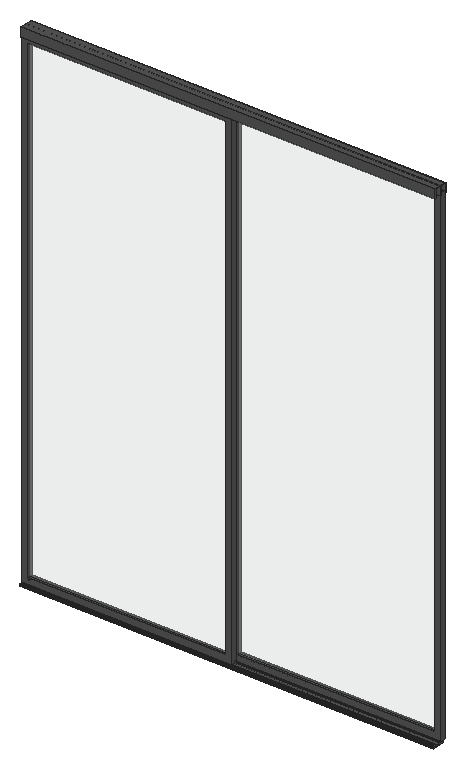
Revit family "Door_FTS CD_The Sliding Door Company_2-Panel Double Track (Regular)", category Doors, host Wall, Revit 2019
Family settings
  Host = Wall
  OmniClass Number = 23.30.10.00
  OmniClass Title = Doors
  Always vertical = Yes
  Cut with Voids When Loaded = No
  Shared = No
  Room Calculation Point = No
Parameters (values of type "FTS Closet Divider - 2 Panel 2 Track (Regular) - AB/BA")
  Upper Track Material [instance] = TSDC - Casing/Upper Track - Powder Coated Black
  URL = "https://www.slidingdoorco.com"
  Thickness = 1 1/4"  # constant formula
  Stile/Rail = 1 1/2"
  Rough Width = Finished Opening Width + 5/8" * 2  # 102 1/4"
  Rough Height = Finished Opening Height + 5/8"  # 122 5/8"
  Panel Width 3" Frame = Width / 2 + 1 1/2"  # 52"
  Panel Width 1 1/2" Frame = Width / 2 + 3/4"  # 51 1/4"
  Panel Height = Height - 2 1/4"  # 119 3/4"
  Open [instance] = no
  Model = "FTS Closet Divider - Full Height System"  # constant formula
  Manufacturer = "The Sliding Door Company"  # constant formula
  Limitations = "Panel Width x System Height cannot exceed 7,400 square inches"  # constant formula
  Glass Thickness = "Available in: 5mm Tempered, 7mm,10mm,11mm Laminated Glass"  # constant formula
  Glass Material [instance] = TSDC - Glass - Clear
  Function = Interior
  Height = if(Finished Opening Height > 122", 122", Finished Opening Height)  # 122"
  Wall Closure = By host
  Width = if(Finished Opening Width > 101", 101", Finished Opening Width)  # 101"
  Fire Rating = "N/A"  # constant formula
  Finished Opening Width = 101"
  Finished Opening Height = 122"
  Door Casing Material [instance] = TSDC - Casing/Upper Track - Powder Coated Black
  Description = "2 Panel System with Double Track (Regular)"  # constant formula
  Contact The Sliding Door Company = "https://www.slidingdoorco.com/contact"
  Construction Type = "Top Mounted, Regular Bottom Track"  # constant formula
  Configuration = "AB/BA Configuration"  # constant formula
  Closed [instance] = not(Open)  # yes
  Bottom Track Material [instance] = TSDC - Bottom Track - Powder Coated Black
  Analytic Construction = "<None>"
  3" Frame (No Support Dividers) = "Max. H=122 in., Max. W=101 in. (52 in. panel width)"  # constant formula
  1 1/2" Frame (No Support Dividers) = "Max. H=108 in., Max. W=97 in. (50 in. panel width)"  # constant formula
Reference planes (in)
  plane 1 "Center (Front/Back)": y = 0
  plane 2 "Center (Left/Right)": x = 0
  plane 3 "Top": z = 122
  plane 4 "Exterior": y = 6
  plane 5 "Interior": y = -6
  plane 6: x = -50.5
  plane 7: x = 50.5
  plane 8: z = 0.625
  plane 9 "2": z = 120.375
  plane 10 "3": z = 121.25
  plane 11: y = -0.67851
  plane 12 "Top": z = 96
  plane 13 "2": z = 94.375
  plane 14 "3": z = 95.25
  plane 15 "Top": z = 96
  plane 16 "2": z = 94.375
  plane 17 "3": z = 95.25
  plane 18 "Top": z = 80
  plane 19: x = -50
  plane 20: x = 50
  plane 21 "2": z = 78.375
  plane 22 "3": z = 79.25
  plane 23: x = -1.5
  plane 24: x = 1.5
Forms (in)
  Extrusion 1, solid, material "TSDC - Casing/Upper Track - Powder Coated Black" <- "Upper Track Material"
    sketch origin (0, 1.25781, 0) x (0, 1, 0) y (0, 0, 1)
      loop
        line (4.74219, 122) -> (1.56641, 122) -> (1.56641, 119.875) -> (1.625, 119.875) -> (1.625, 121.94141) -> (3.125, 121.94141) -> (3.125, 119.875) -> (3.18359, 119.875) -> (3.18359, 121.94141) -> (4.68359, 121.94141) -> (4.68359, 119.875) -> (4.74219, 119.875) -> (4.74219, 122)
    from -50.5 to 50.5
  Extrusion 2, solid, material "TSDC - Casing/Upper Track - Powder Coated Black" <- "Door Casing Material", visible <- "Closed"
    sketch origin (47.66587, 2.81641, 0) x (1, 0, 0) y (0, 0, 1)
      loop
        line (2.83413, 120.375) -> (-48.41587, 120.375) -> (-48.41587, 0.625) -> (2.83413, 0.625) -> (2.83413, 120.375)
      loop
        line (1.33413, 118.875) -> (-46.91587, 118.875) -> (-46.91587, 2.125) -> (1.33413, 2.125) -> (1.33413, 118.875)
    from -3 to -1.75
  Extrusion 3, solid, material "TSDC - Glass - Clear" <- "Glass Material", visible <- "Closed"
    sketch origin (47.66587, 2.31641, 0) x (1, 0, 0) y (0, 0, 1)
      loop
        line (1.33413, 118.875) -> (-46.91587, 118.875) -> (-46.91587, 2.125) -> (1.33413, 2.125) -> (1.33413, 118.875)
    from -3 to -2.75
  Extrusion 4, solid, material "TSDC - Casing/Upper Track - Powder Coated Black", not visible
    sketch origin (0, 0.8784, 0.00198) x (0, 1, 0) y (0, 0, 1)
      loop
        line (1.17662, -0.00198) -> (1.7466, -0.00198) -> (1.7466, 0.11422) -> (1.63872, 0.16601) -> (1.5898, 0.16) -> (1.58595, 0.19134) -> (1.49638, 0.23434) -> (1.44746, 0.22833) -> (1.44362, 0.25967) -> (1.35493, 0.30224) -> (1.30601, 0.29623) -> (1.30216, 0.32757) -> (1.21825, 0.36785)
        arc (1.21825, 0.36785) -> (1.19583, 0.37043) -> (1.17662, 0.35859) r 0.03449
        line (1.17662, 0.35859) -> (1.17662, 0.26961) -> (1.14379, 0.26961) -> (1.14379, 0.30227) -> (1.11271, 0.30227) -> (1.11271, 0.05752) -> (1.14379, 0.05752) -> (1.14379, 0.08934) -> (1.17662, 0.08934) -> (1.17662, -0.00198)
      loop
        line (1.6966, 0.05) -> (1.6966, 0.08276) -> (1.2346, 0.30454) -> (1.2346, 0.05) -> (1.6966, 0.05)
    from -50 to 50
  Extrusion 5, solid, material "TSDC - Casing/Upper Track - Powder Coated Black", not visible
    sketch origin (0, 0.8784, 0.00198) x (0, 1, 0) y (0, 0, 1)
      loop
        arc (1.17662, 0.34104) -> (1.17081, 0.35508) -> (1.15677, 0.36093) r 0.01985
        line (1.15677, 0.36093) -> (1.07541, 0.36093)
        arc (1.07541, 0.36093) -> (1.06136, 0.3551) -> (1.05556, 0.34103) r 0.01985
        line (1.05556, 0.34103) -> (1.05556, 0.20299) -> (0.9831, 0.20299) -> (0.9831, 0.28602)
        arc (0.9831, 0.28602) -> (0.87384, 0.39506) -> (0.76472, 0.28588) r 0.10919
        line (0.76472, 0.28588) -> (0.82428, 0.28588)
        arc (0.82428, 0.28588) -> (0.87397, 0.3355) -> (0.92354, 0.28575) r 0.04963
        line (0.92354, 0.28575) -> (0.92354, 0.14753) -> (1.05556, 0.10767) -> (1.05556, 0.05757) -> (0.38753, 0.05757) -> (0.38753, 0.36093) -> (-0.56932, 0.36093) -> (-0.56932, 0.20299) -> (-0.64178, 0.20299) -> (-0.64178, 0.28602)
        arc (-0.64178, 0.28602) -> (-0.75104, 0.39506) -> (-0.86016, 0.28588) r 0.10919
        line (-0.86016, 0.28588) -> (-0.8006, 0.28588)
        arc (-0.8006, 0.28588) -> (-0.75091, 0.3355) -> (-0.70134, 0.28575) r 0.04963
        line (-0.70134, 0.28575) -> (-0.70134, 0.14753) -> (-0.56932, 0.10767) -> (-0.56932, 0.05757) -> (-1.23735, 0.05757) -> (-1.23735, 0.36093) -> (-2.19421, 0.36093) -> (-2.19421, 0.20299) -> (-2.26667, 0.20299) -> (-2.26667, 0.28602)
        arc (-2.26667, 0.28602) -> (-2.37592, 0.39506) -> (-2.48504, 0.28588) r 0.10919
        line (-2.48504, 0.28588) -> (-2.42548, 0.28588)
        arc (-2.42548, 0.28588) -> (-2.37579, 0.3355) -> (-2.32622, 0.28575) r 0.04963
        line (-2.32622, 0.28575) -> (-2.32622, 0.14753) -> (-2.19421, 0.10767) -> (-2.19421, 0.05757) -> (-2.86223, 0.05757) -> (-2.86223, 0.34103)
        arc (-2.86223, 0.34103) -> (-2.86803, 0.3551) -> (-2.88208, 0.36093) r 0.01985
        line (-2.88208, 0.36093) -> (-2.96344, 0.36093)
        arc (-2.96344, 0.36093) -> (-2.97751, 0.35509) -> (-2.9833, 0.341) r 0.01985
        line (-2.9833, 0.341) -> (-2.9833, 0.26961) -> (-2.95059, 0.26961) -> (-2.95059, 0.30227) -> (-2.91939, 0.30227) -> (-2.91939, 0.05752) -> (-2.95046, 0.05752) -> (-2.95046, 0.08934) -> (-2.9833, 0.08934) -> (-2.9833, -0.00198) -> (-2.13705, -0.00198) -> (-2.10598, 0.05752) -> (-2.13705, 0.05752) -> (-2.13705, 0.30227) -> (-1.29451, 0.30227) -> (-1.29451, 0.05752) -> (-1.32558, 0.05752) -> (-1.29451, -0.00198) -> (-0.51217, -0.00198) -> (-0.4811, 0.05752) -> (-0.51217, 0.05752) -> (-0.51217, 0.30227) -> (0.33038, 0.30227) -> (0.33038, 0.05752) -> (0.2993, 0.05752) -> (0.33038, -0.00198) -> (1.17662, -0.00198) -> (1.17662, 0.08934) -> (1.14379, 0.08934) -> (1.14379, 0.05752) -> (1.11271, 0.05752) -> (1.11271, 0.30227) -> (1.14379, 0.30227) -> (1.14379, 0.26961) -> (1.17662, 0.26961) -> (1.17662, 0.34104)
    from -50 to 50
  Extrusion 6, solid, material "TSDC - Casing/Upper Track - Powder Coated Black", not visible
    sketch origin (0, -0.92827, 0.00198) x (0, -1, 0) y (0, 0, -1)
      loop
        line (1.17662, 0.00198) -> (1.17662, -0.08934) -> (1.14379, -0.08934) -> (1.14379, -0.05752) -> (1.11271, -0.05752) -> (1.11271, -0.30227) -> (1.14379, -0.30227) -> (1.14379, -0.26961) -> (1.17662, -0.26961) -> (1.17662, -0.35859)
        arc (1.17662, -0.35859) -> (1.19583, -0.37043) -> (1.21825, -0.36785) r 0.03449
        line (1.21825, -0.36785) -> (1.30216, -0.32757) -> (1.30601, -0.29623) -> (1.35493, -0.30224) -> (1.44362, -0.25967) -> (1.44746, -0.22833) -> (1.49638, -0.23434) -> (1.58595, -0.19134) -> (1.5898, -0.16) -> (1.63872, -0.16601) -> (1.7466, -0.11422) -> (1.7466, 0.00198) -> (1.17662, 0.00198)
      loop
        line (1.6966, -0.05) -> (1.2346, -0.05) -> (1.2346, -0.30454) -> (1.6966, -0.08276) -> (1.6966, -0.05)
    from -50 to 50
  Extrusion 7, solid, material "TSDC - Casing/Upper Track - Powder Coated Black", not visible
    sketch origin (0, 1.25781, 0) x (0, 1, 0) y (0, 0, 1)
      loop
        line (1.74219, 96) -> (-2.99219, 96) -> (-2.99219, 93.875) -> (-2.93359, 93.875) -> (-2.93359, 95.94141) -> (-1.43359, 95.94141) -> (-1.43359, 93.875) -> (-1.375, 93.875) -> (-1.375, 95.94141) -> (0.125, 95.94141) -> (0.125, 93.875) -> (0.18359, 93.875) -> (0.18359, 95.94141) -> (1.68359, 95.94141) -> (1.68359, 93.875) -> (1.74219, 93.875) -> (1.74219, 96)
    from -50 to 50
  Extrusion 8, solid, material "TSDC - Casing/Upper Track - Powder Coated Black", visible <- "Open", not visible
    sketch origin (-18.0008, 2.81641, 0) x (1, 0, 0) y (0, 0, 1)
      loop
        line (2.33413, 94.375) -> (-31.9992, 94.375) -> (-31.9992, 0.625) -> (2.33413, 0.625) -> (2.33413, 94.375)
      loop
        line (0.83413, 92.875) -> (-30.4992, 92.875) -> (-30.4992, 2.125) -> (0.83413, 2.125) -> (0.83413, 92.875)
    from 0 to 1.25
  Extrusion 9, solid, material "TSDC - Glass - Clear", visible <- "Open", not visible
    sketch origin (-18.0008, 2.31641, 0) x (1, 0, 0) y (0, 0, 1)
      loop
        line (0.83413, 92.875) -> (-30.4992, 92.875) -> (-30.4992, 2.125) -> (0.83413, 2.125) -> (0.83413, 92.875)
    from 0 to 0.25
  Extrusion 10, solid, material "TSDC - Casing/Upper Track - Powder Coated Black", visible <- "Open", not visible
    sketch origin (-44.66746, 1.25781, 0) x (1, 0, 0) y (0, 0, 1)
      loop
        line (29.0008, 94.375) -> (-5.33254, 94.375) -> (-5.33254, 0.625) -> (29.0008, 0.625) -> (29.0008, 94.375)
      loop
        line (27.5008, 92.875) -> (-3.83254, 92.875) -> (-3.83254, 2.125) -> (27.5008, 2.125) -> (27.5008, 92.875)
    from 0 to 1.25
  Extrusion 11, solid, material "TSDC - Glass - Clear", visible <- "Open", not visible
    sketch origin (-44.66746, 0.75781, 0) x (1, 0, 0) y (0, 0, 1)
      loop
        line (27.5008, 92.875) -> (-3.83254, 92.875) -> (-3.83254, 2.125) -> (27.5008, 2.125) -> (27.5008, 92.875)
    from 0 to 0.25
  Extrusion 12, solid, material "TSDC - Casing/Upper Track - Powder Coated Black", visible <- "Open", not visible
    sketch origin (-71.33413, -0.30078, 0) x (1, 0, 0) y (0, 0, 1)
      loop
        line (55.66746, 94.375) -> (21.33413, 94.375) -> (21.33413, 0.625) -> (55.66746, 0.625) -> (55.66746, 94.375)
      loop
        line (54.16746, 92.875) -> (22.83413, 92.875) -> (22.83413, 2.125) -> (54.16746, 2.125) -> (54.16746, 92.875)
    from 0 to 1.25
  Extrusion 13, solid, material "TSDC - Glass - Clear", visible <- "Open", not visible
    sketch origin (-71.33413, -0.80078, 0) x (1, 0, 0) y (0, 0, 1)
      loop
        line (54.16746, 92.875) -> (22.83413, 92.875) -> (22.83413, 2.125) -> (54.16746, 2.125) -> (54.16746, 92.875)
    from 0 to 0.25
  Extrusion 14, solid, material "TSDC - Casing/Upper Track - Powder Coated Black", visible <- "Closed", not visible
    sketch origin (-11.83413, 1.25781, 0) x (1, 0, 0) y (0, 0, 1)
      loop
        line (29.0008, 94.375) -> (-5.33254, 94.375) -> (-5.33254, 0.625) -> (29.0008, 0.625) -> (29.0008, 94.375)
      loop
        line (27.5008, 92.875) -> (-3.83254, 92.875) -> (-3.83254, 2.125) -> (27.5008, 2.125) -> (27.5008, 92.875)
    from 0 to 1.25
  Extrusion 15, solid, material "TSDC - Glass - Clear", visible <- "Closed", not visible
    sketch origin (-11.83413, 0.75781, 0) x (1, 0, 0) y (0, 0, 1)
      loop
        line (27.5008, 92.875) -> (-3.83254, 92.875) -> (-3.83254, 2.125) -> (27.5008, 2.125) -> (27.5008, 92.875)
    from 0 to 0.25
  Extrusion 16, solid, material "TSDC - Casing/Upper Track - Powder Coated Black", visible <- "Closed", not visible
    sketch origin (47.66587, 2.81641, 0) x (1, 0, 0) y (0, 0, 1)
      loop
        line (2.33413, 94.375) -> (-31.9992, 94.375) -> (-31.9992, 0.625) -> (2.33413, 0.625) -> (2.33413, 94.375)
      loop
        line (0.83413, 92.875) -> (-30.4992, 92.875) -> (-30.4992, 2.125) -> (0.83413, 2.125) -> (0.83413, 92.875)
    from 0 to 1.25
  Extrusion 17, solid, material "TSDC - Glass - Clear", visible <- "Closed", not visible
    sketch origin (47.66587, 2.31641, 0) x (1, 0, 0) y (0, 0, 1)
      loop
        line (0.83413, 92.875) -> (-30.4992, 92.875) -> (-30.4992, 2.125) -> (0.83413, 2.125) -> (0.83413, 92.875)
    from 0 to 0.25
  Extrusion 18, solid, material "TSDC - Casing/Upper Track - Powder Coated Black", visible <- "Closed", not visible
    sketch origin (-71.33413, -0.30078, 0) x (1, 0, 0) y (0, 0, 1)
      loop
        line (55.66746, 94.375) -> (21.33413, 94.375) -> (21.33413, 0.625) -> (55.66746, 0.625) -> (55.66746, 94.375)
      loop
        line (54.16746, 92.875) -> (22.83413, 92.875) -> (22.83413, 2.125) -> (54.16746, 2.125) -> (54.16746, 92.875)
    from 0 to 1.25
  Extrusion 19, solid, material "TSDC - Glass - Clear", visible <- "Closed", not visible
    sketch origin (-71.33413, -0.80078, 0) x (1, 0, 0) y (0, 0, 1)
      loop
        line (54.16746, 92.875) -> (22.83413, 92.875) -> (22.83413, 2.125) -> (54.16746, 2.125) -> (54.16746, 92.875)
    from 0 to 0.25
  Extrusion 20, solid, material "TSDC - Casing/Upper Track - Powder Coated Black", not visible
    sketch origin (0, 1.25781, 0) x (0, 1, 0) y (0, 0, 1)
      loop
        line (1.74219, 96) -> (-2.99219, 96) -> (-2.99219, 93.875) -> (-2.93359, 93.875) -> (-2.93359, 95.94141) -> (-1.43359, 95.94141) -> (-1.43359, 93.875) -> (-1.375, 93.875) -> (-1.375, 95.94141) -> (0.125, 95.94141) -> (0.125, 93.875) -> (0.18359, 93.875) -> (0.18359, 95.94141) -> (1.68359, 95.94141) -> (1.68359, 93.875) -> (1.74219, 93.875) -> (1.74219, 96)
    from -50 to 50
  Extrusion 21, solid, material "TSDC - Casing/Upper Track - Powder Coated Black", not visible
    sketch origin (0, 1.25781, 0) x (0, 1, 0) y (0, 0, 1)
      loop
        line (1.74219, 96) -> (-2.99219, 96) -> (-2.99219, 93.875) -> (-2.93359, 93.875) -> (-2.93359, 95.94141) -> (-1.43359, 95.94141) -> (-1.43359, 93.875) -> (-1.375, 93.875) -> (-1.375, 95.94141) -> (0.125, 95.94141) -> (0.125, 93.875) -> (0.18359, 93.875) -> (0.18359, 95.94141) -> (1.68359, 95.94141) -> (1.68359, 93.875) -> (1.74219, 93.875) -> (1.74219, 96)
    from -50 to 50
  Extrusion 22, solid, material "TSDC - Casing/Upper Track - Powder Coated Black", not visible
    sketch origin (0, 1.25781, 0) x (0, 1, 0) y (0, 0, 1)
      loop
        line (1.74219, 96) -> (-2.99219, 96) -> (-2.99219, 93.875) -> (-2.93359, 93.875) -> (-2.93359, 95.94141) -> (-1.43359, 95.94141) -> (-1.43359, 93.875) -> (-1.375, 93.875) -> (-1.375, 95.94141) -> (0.125, 95.94141) -> (0.125, 93.875) -> (0.18359, 93.875) -> (0.18359, 95.94141) -> (1.68359, 95.94141) -> (1.68359, 93.875) -> (1.74219, 93.875) -> (1.74219, 96)
    from -50 to 50
  Extrusion 23, solid, material "TSDC - Casing/Upper Track - Powder Coated Black", not visible
    sketch origin (0, 0.8784, 0.00198) x (0, 1, 0) y (0, 0, 1)
      loop
        line (1.17662, -0.00198) -> (1.7466, -0.00198) -> (1.7466, 0.11422) -> (1.63872, 0.16601) -> (1.5898, 0.16) -> (1.58595, 0.19134) -> (1.49638, 0.23434) -> (1.44746, 0.22833) -> (1.44362, 0.25967) -> (1.35493, 0.30224) -> (1.30601, 0.29623) -> (1.30216, 0.32757) -> (1.21825, 0.36785)
        arc (1.21825, 0.36785) -> (1.19583, 0.37043) -> (1.17662, 0.35859) r 0.03449
        line (1.17662, 0.35859) -> (1.17662, 0.26961) -> (1.14379, 0.26961) -> (1.14379, 0.30227) -> (1.11271, 0.30227) -> (1.11271, 0.05752) -> (1.14379, 0.05752) -> (1.14379, 0.08934) -> (1.17662, 0.08934) -> (1.17662, -0.00198)
      loop
        line (1.6966, 0.05) -> (1.6966, 0.08276) -> (1.2346, 0.30454) -> (1.2346, 0.05) -> (1.6966, 0.05)
    from -50 to 50
  Extrusion 24, solid, material "TSDC - Casing/Upper Track - Powder Coated Black", not visible
    sketch origin (0, 0.8784, 0.00198) x (0, 1, 0) y (0, 0, 1)
      loop
        arc (1.17662, 0.34104) -> (1.17081, 0.35508) -> (1.15677, 0.36093) r 0.01985
        line (1.15677, 0.36093) -> (1.07541, 0.36093)
        arc (1.07541, 0.36093) -> (1.06136, 0.3551) -> (1.05556, 0.34103) r 0.01985
        line (1.05556, 0.34103) -> (1.05556, 0.20299) -> (0.9831, 0.20299) -> (0.9831, 0.28602)
        arc (0.9831, 0.28602) -> (0.87384, 0.39506) -> (0.76472, 0.28588) r 0.10919
        line (0.76472, 0.28588) -> (0.82428, 0.28588)
        arc (0.82428, 0.28588) -> (0.87397, 0.3355) -> (0.92354, 0.28575) r 0.04963
        line (0.92354, 0.28575) -> (0.92354, 0.14753) -> (1.05556, 0.10767) -> (1.05556, 0.05757) -> (0.38753, 0.05757) -> (0.38753, 0.36093) -> (-0.56932, 0.36093) -> (-0.56932, 0.20299) -> (-0.64178, 0.20299) -> (-0.64178, 0.28602)
        arc (-0.64178, 0.28602) -> (-0.75104, 0.39506) -> (-0.86016, 0.28588) r 0.10919
        line (-0.86016, 0.28588) -> (-0.8006, 0.28588)
        arc (-0.8006, 0.28588) -> (-0.75091, 0.3355) -> (-0.70134, 0.28575) r 0.04963
        line (-0.70134, 0.28575) -> (-0.70134, 0.14753) -> (-0.56932, 0.10767) -> (-0.56932, 0.05757) -> (-1.23735, 0.05757) -> (-1.23735, 0.36093) -> (-2.19421, 0.36093) -> (-2.19421, 0.20299) -> (-2.26667, 0.20299) -> (-2.26667, 0.28602)
        arc (-2.26667, 0.28602) -> (-2.37592, 0.39506) -> (-2.48504, 0.28588) r 0.10919
        line (-2.48504, 0.28588) -> (-2.42548, 0.28588)
        arc (-2.42548, 0.28588) -> (-2.37579, 0.3355) -> (-2.32622, 0.28575) r 0.04963
        line (-2.32622, 0.28575) -> (-2.32622, 0.14753) -> (-2.19421, 0.10767) -> (-2.19421, 0.05757) -> (-2.86223, 0.05757) -> (-2.86223, 0.34103)
        arc (-2.86223, 0.34103) -> (-2.86803, 0.3551) -> (-2.88208, 0.36093) r 0.01985
        line (-2.88208, 0.36093) -> (-2.96344, 0.36093)
        arc (-2.96344, 0.36093) -> (-2.97751, 0.35509) -> (-2.9833, 0.341) r 0.01985
        line (-2.9833, 0.341) -> (-2.9833, 0.26961) -> (-2.95059, 0.26961) -> (-2.95059, 0.30227) -> (-2.91939, 0.30227) -> (-2.91939, 0.05752) -> (-2.95046, 0.05752) -> (-2.95046, 0.08934) -> (-2.9833, 0.08934) -> (-2.9833, -0.00198) -> (-2.13705, -0.00198) -> (-2.10598, 0.05752) -> (-2.13705, 0.05752) -> (-2.13705, 0.30227) -> (-1.29451, 0.30227) -> (-1.29451, 0.05752) -> (-1.32558, 0.05752) -> (-1.29451, -0.00198) -> (-0.51217, -0.00198) -> (-0.4811, 0.05752) -> (-0.51217, 0.05752) -> (-0.51217, 0.30227) -> (0.33038, 0.30227) -> (0.33038, 0.05752) -> (0.2993, 0.05752) -> (0.33038, -0.00198) -> (1.17662, -0.00198) -> (1.17662, 0.08934) -> (1.14379, 0.08934) -> (1.14379, 0.05752) -> (1.11271, 0.05752) -> (1.11271, 0.30227) -> (1.14379, 0.30227) -> (1.14379, 0.26961) -> (1.17662, 0.26961) -> (1.17662, 0.34104)
    from -50 to 50
  Extrusion 25, solid, material "TSDC - Casing/Upper Track - Powder Coated Black", not visible
    sketch origin (0, -0.92827, 0.00198) x (0, -1, 0) y (0, 0, -1)
      loop
        line (1.17662, 0.00198) -> (1.17662, -0.08934) -> (1.14379, -0.08934) -> (1.14379, -0.05752) -> (1.11271, -0.05752) -> (1.11271, -0.30227) -> (1.14379, -0.30227) -> (1.14379, -0.26961) -> (1.17662, -0.26961) -> (1.17662, -0.35859)
        arc (1.17662, -0.35859) -> (1.19583, -0.37043) -> (1.21825, -0.36785) r 0.03449
        line (1.21825, -0.36785) -> (1.30216, -0.32757) -> (1.30601, -0.29623) -> (1.35493, -0.30224) -> (1.44362, -0.25967) -> (1.44746, -0.22833) -> (1.49638, -0.23434) -> (1.58595, -0.19134) -> (1.5898, -0.16) -> (1.63872, -0.16601) -> (1.7466, -0.11422) -> (1.7466, 0.00198) -> (1.17662, 0.00198)
      loop
        line (1.6966, -0.05) -> (1.2346, -0.05) -> (1.2346, -0.30454) -> (1.6966, -0.08276) -> (1.6966, -0.05)
    from -50 to 50
  Extrusion 26, solid, material "TSDC - Casing/Upper Track - Powder Coated Black", not visible
    sketch origin (0, 1.25781, -16) x (0, 1, 0) y (0, 0, 1)
      loop
        line (1.74219, 96) -> (-2.99219, 96) -> (-2.99219, 93.875) -> (-2.93359, 93.875) -> (-2.93359, 95.94141) -> (-1.43359, 95.94141) -> (-1.43359, 93.875) -> (-1.375, 93.875) -> (-1.375, 95.94141) -> (0.125, 95.94141) -> (0.125, 93.875) -> (0.18359, 93.875) -> (0.18359, 95.94141) -> (1.68359, 95.94141) -> (1.68359, 93.875) -> (1.74219, 93.875) -> (1.74219, 96)
    from -50 to 50
  Extrusion 27, solid, material "TSDC - Casing/Upper Track - Powder Coated Black" <- "Door Casing Material", visible <- "Closed"
    sketch origin (-47.66587, 1.25781, 0) x (-1, 0, 0) y (0, 0, -1)
      loop
        line (2.83413, -120.375) -> (2.83413, -0.625) -> (-48.41587, -0.625) -> (-48.41587, -120.375) -> (2.83413, -120.375)
      loop
        line (1.33413, -118.875) -> (1.33413, -2.125) -> (-46.91587, -2.125) -> (-46.91587, -118.875) -> (1.33413, -118.875)
    from -3 to -1.75
  Extrusion 28, solid, material "TSDC - Glass - Clear" <- "Glass Material", visible <- "Closed"
    sketch origin (-47.66587, 0.75781, 0) x (-1, 0, 0) y (0, 0, -1)
      loop
        line (1.33413, -118.875) -> (1.33413, -2.125) -> (-46.91587, -2.125) -> (-46.91587, -118.875) -> (1.33413, -118.875)
    from -3 to -2.75
  Extrusion 29, solid, material "TSDC - Bottom Track - Powder Coated Black" <- "Bottom Track Material"
    sketch origin (0, 3.8784, 0.00198) x (0, 1, 0) y (0, 0, 1)
      loop
        line (1.17662, 0.26961) -> (1.17662, 0.34104)
        arc (1.17662, 0.34104) -> (1.17081, 0.35508) -> (1.15677, 0.36089) r 0.01985
        line (1.15677, 0.36089) -> (1.07541, 0.36093)
        arc (1.07541, 0.36093) -> (1.06136, 0.3551) -> (1.05556, 0.34103) r 0.01985
        line (1.05556, 0.34103) -> (1.05556, 0.20299) -> (0.9831, 0.20299) -> (0.9831, 0.28602)
        arc (0.9831, 0.28602) -> (0.87384, 0.39506) -> (0.76472, 0.28588) r 0.10919
        line (0.76472, 0.28588) -> (0.82428, 0.28588)
        arc (0.82428, 0.28588) -> (0.87397, 0.3355) -> (0.92354, 0.28575) r 0.04963
        line (0.92354, 0.28575) -> (0.92354, 0.14753) -> (1.05556, 0.10767) -> (1.05556, 0.05757) -> (0.38753, 0.05757) -> (0.38753, 0.36093) -> (-0.56932, 0.36093) -> (-0.56932, 0.20299) -> (-0.64178, 0.20299) -> (-0.64178, 0.28602)
        arc (-0.64178, 0.28602) -> (-0.75104, 0.39506) -> (-0.86016, 0.28588) r 0.10919
        line (-0.86016, 0.28588) -> (-0.8006, 0.28588)
        arc (-0.8006, 0.28588) -> (-0.75091, 0.3355) -> (-0.70134, 0.28575) r 0.04963
        line (-0.70134, 0.28575) -> (-0.70134, 0.14753) -> (-0.56932, 0.10767) -> (-0.56932, 0.05757) -> (-1.23735, 0.05757) -> (-1.23735, 0.34103)
        arc (-1.23735, 0.34103) -> (-1.24315, 0.3551) -> (-1.2572, 0.36093) r 0.01985
        line (-1.2572, 0.36093) -> (-1.33856, 0.36093)
        arc (-1.33856, 0.36093) -> (-1.35263, 0.35509) -> (-1.35841, 0.341) r 0.01985
        line (-1.35841, 0.341) -> (-1.35841, 0.26961) -> (-1.32571, 0.26961) -> (-1.32571, 0.30227) -> (-1.29451, 0.30227) -> (-1.29451, 0.05752) -> (-1.32558, 0.05752) -> (-1.32558, 0.08934) -> (-1.35841, 0.08934) -> (-1.35841, -0.00198) -> (-0.51217, -0.00198) -> (-0.4811, 0.05752) -> (-0.51217, 0.05752) -> (-0.51217, 0.30227) -> (0.33038, 0.30227) -> (0.33038, 0.05752) -> (0.2993, 0.05752) -> (0.33038, -0.00198) -> (1.17662, -0.00198) -> (1.17662, 0.08934) -> (1.14379, 0.08934) -> (1.14379, 0.05752) -> (1.11271, 0.05752) -> (1.11271, 0.30227) -> (1.14379, 0.30227) -> (1.14379, 0.26961) -> (1.17662, 0.26961)
    from -50.5 to 50.5
  Extrusion 30, solid, material "TSDC - Casing/Upper Track - Powder Coated Black" <- "Door Casing Material", visible <- "Open"
    sketch origin (-1.33413, 2.81641, 0) x (1, 0, 0) y (0, 0, 1)
      loop
        line (2.08413, 120.375) -> (-49.16587, 120.375) -> (-49.16587, 0.625) -> (2.08413, 0.625) -> (2.08413, 120.375)
      loop
        line (0.58413, 118.875) -> (-47.66587, 118.875) -> (-47.66587, 2.125) -> (0.58413, 2.125) -> (0.58413, 118.875)
    from -3 to -1.75
  Extrusion 31, solid, material "TSDC - Glass - Clear" <- "Glass Material", visible <- "Open"
    sketch origin (-1.33413, 2.31641, 0) x (1, 0, 0) y (0, 0, 1)
      loop
        line (0.58413, 118.875) -> (-47.66587, 118.875) -> (-47.66587, 2.125) -> (0.58413, 2.125) -> (0.58413, 118.875)
    from -3 to -2.75
  Extrusion 32, solid, material "TSDC - Casing/Upper Track - Powder Coated Black" <- "Door Casing Material", visible <- "Open"
    sketch origin (-1.33413, 1.25781, 0) x (1, 0, 0) y (0, 0, 1)
      loop
        line (2.08413, 120.375) -> (-49.16587, 120.375) -> (-49.16587, 0.625) -> (2.08413, 0.625) -> (2.08413, 120.375)
      loop
        line (0.58413, 118.875) -> (-47.66587, 118.875) -> (-47.66587, 2.125) -> (0.58413, 2.125) -> (0.58413, 118.875)
    from -3 to -1.75
  Extrusion 33, solid, material "TSDC - Glass - Clear" <- "Glass Material", visible <- "Open"
    sketch origin (-1.33413, 0.75781, 0) x (1, 0, 0) y (0, 0, 1)
      loop
        line (0.58413, 118.875) -> (-47.66587, 118.875) -> (-47.66587, 2.125) -> (0.58413, 2.125) -> (0.58413, 118.875)
    from -3 to -2.75
Lines and regions (in)
  Opening 1
    outline origin (-60, -6, 0) x (1, 0, 0) y (0, 0, 1)
      loop
        line (110.5, 122) -> (9.5, 122) -> (9.5, 0) -> (110.5, 0) -> (110.5, 122)
Text (in)
  text "Exterior" at (-165.54235, 27.31104, 0), in view "Ref. Level"
  text "Interior" at (-165.54235, -25.14366, 0), in view "Ref. Level"
  text "Exterior" at (0, 40.15149, 123.01588), in view "Right"
  text "Interior" at (0, -64.39139, 123.01588), in view "Right"
  text "Interior" at (0, -31.01599, 123.00693), in view "Left"
  text "Exterior" at (0, 54.57065, 123.00693), in view "Left"
Dimensions and locks (in)
  locked: plane 9 "2" to plane 3 "Top" at 1.625
  equal spacing: plane 6, plane 2 "Center (Left/Right)", plane 7
  locked: plane 10 "3" to plane 3 "Top" at 0.75
  "Stile/Rail": Extrusion 2 to Extrusion 2  (x4)
  "Height": level to plane 3 "Top"
  "Width": plane 6 to plane 7
  "Stile/Rail": Extrusion 27 to Extrusion 27  (x4)
  plane 4 "Exterior" to Extrusion 1 to Extrusion 1 to Extrusion 1 to Extrusion 1 to Extrusion 1 = 15/256" locked, 1 1/2" locked, 15/256" locked, 1 1/2" locked, 15/256" locked
  equal spacing: Extrusion 2, plane 2 "Center (Left/Right)", Extrusion 2
  equal spacing: Extrusion 27, plane 2 "Center (Left/Right)", Extrusion 27
  plane 23 to plane 24 = 3"  (x2)
  Extrusion 27 to Extrusion 27 = 51 1/4"
  Extrusion 2 to Extrusion 2 = 51 1/4"
  "Stile/Rail": Extrusion 30 to Extrusion 30  (x4)
  equal spacing: Extrusion 30, plane 2 "Center (Left/Right)", Extrusion 30
  "Stile/Rail": Extrusion 32 to Extrusion 32  (x4)
  equal spacing: Extrusion 32, plane 2 "Center (Left/Right)", Extrusion 32
  Extrusion 27 to Extrusion 27 to Extrusion 2 to Extrusion 2 to plane 4 "Exterior" = 1 1/4" locked, 79/256" locked, 1 1/4" locked, 47/256" locked
  Extrusion 28 to Extrusion 28 to Extrusion 3 to Extrusion 3 to plane 4 "Exterior" = 1/4" locked, 1 79/256" locked, 1/4" locked, 175/256" locked
  Extrusion 32 to Extrusion 32 to Extrusion 30 to Extrusion 30 to plane 4 "Exterior" = 1 1/4" locked, 79/256" locked, 1 1/4" locked, 47/256" locked
  Extrusion 33 to Extrusion 33 to Extrusion 31 to Extrusion 31 to plane 4 "Exterior" = 1/4" locked, 1 79/256" locked, 1/4" locked, 175/256" locked
  Extrusion 30 to Extrusion 30 = 51 1/4"
  plane 4 "Exterior" to Extrusion 29 to Extrusion 29 to Extrusion 29 to Extrusion 29 to Extrusion 29 to Extrusion 29 to Extrusion 29 to Extrusion 29 = 0.94497" locked, 0.06391" locked, 0.72518" locked, 0.05716" locked, 0.84254" locked, 0.05716" locked, 0.72518" locked, 0.06391" locked
  aligned and locked: plane 4 "Exterior" to host wall
  aligned and locked: host wall to plane 5 "Interior"
  aligned and locked: Extrusion 1 to plane 6
  aligned and locked: plane 7 to Extrusion 1
  aligned and locked: Extrusion 3 to Extrusion 2  (x4)
  aligned and locked: Opening 1 sketch curve to Extrusion 1
  aligned and locked: Extrusion 27 to Extrusion 28
  aligned and locked: host wall to Extrusion 1 sketch curve
  aligned and locked: Extrusion 28 to Extrusion 27
  aligned and locked: Extrusion 28 to Extrusion 2
  aligned and locked: Extrusion 2 to Extrusion 28
  aligned and locked: Extrusion 31 to Extrusion 30  (x4)
  aligned and locked: Extrusion 33 to Extrusion 32  (x4)
  aligned and locked: Opening 1 sketch curve to plane 6
  aligned and locked: host wall to Extrusion 29  (x2)
Automatic sketch dimensions
  Extrusion 4 sketch curve to Extrusion 4 sketch curve = 0.03107"  (x2)
  Extrusion 4 sketch curve to Extrusion 4 sketch curve = 0.03284"  (x2)
  Extrusion 4 sketch curve to Extrusion 4 sketch curve = 0.0267"
  Extrusion 4 sketch curve to Extrusion 4 sketch curve = 0.01493"
  Extrusion 4 sketch curve to Extrusion 4 sketch curve = 0.05797"
  Extrusion 4 sketch curve to Extrusion 4 sketch curve = 0.06757"
  Extrusion 4 sketch curve to Extrusion 4 sketch curve = 0.00385"  (x3)
  Extrusion 4 sketch curve to Extrusion 4 sketch curve = 0.04892"  (x3)
  Extrusion 4 sketch curve to Extrusion 4 sketch curve = 0.08869"
  Extrusion 4 sketch curve to Extrusion 4 sketch curve = 0.08957"
  Extrusion 4 sketch curve to Extrusion 4 sketch curve = 0.05788"
  Extrusion 4 sketch curve to Extrusion 4 sketch curve = 0.05"
  Extrusion 4 sketch curve to Extrusion 4 sketch curve = 0.03276"
  Extrusion 4 sketch curve to Extrusion 4 sketch curve = 0.03182"
  Extrusion 4 sketch curve to Extrusion 4 sketch curve = 0.03146"
  Extrusion 4 sketch curve to Extrusion 4 sketch curve = 0.00601"  (x3)
  Extrusion 4 sketch curve to Extrusion 4 sketch curve = 0.09824"
  Extrusion 4 sketch curve to Extrusion 4 sketch curve = 0.03266"
  Extrusion 4 sketch curve to Extrusion 4 sketch curve = 0.06331"
  Extrusion 4 sketch curve to Extrusion 4 sketch curve = 0.03109"
  Extrusion 5 sketch curve to Extrusion 5 sketch curve = 0"  (x25)
  Extrusion 5 sketch curve to Extrusion 5 sketch curve = 0.01985"  (x3)
  Extrusion 5 sketch curve to Extrusion 5 sketch curve = 0.03271"
  Extrusion 5 sketch curve to Extrusion 5 sketch curve = 0.03284"  (x3)
  Extrusion 5 sketch curve to Extrusion 5 sketch curve = 0.03107"  (x9)
  Extrusion 5 sketch curve to Extrusion 5 sketch curve = 0.0373"
  Extrusion 5 sketch curve to Extrusion 5 sketch curve = 0.37719"  (x3)
  Extrusion 5 sketch curve to Extrusion 5 sketch curve = 0.05956"  (x6)
  Extrusion 5 sketch curve to Extrusion 5 sketch curve = 0.04963"  (x6)
  Extrusion 5 sketch curve to Extrusion 5 sketch curve = 0.07246"  (x4)
  Extrusion 5 sketch curve to Extrusion 5 sketch curve = 0.05716"  (x5)
  Extrusion 5 sketch curve to Extrusion 5 sketch curve = 0.7804"  (x2)
  Extrusion 5 sketch curve to Extrusion 5 sketch curve = 0.01299"
  Extrusion 5 sketch curve to Extrusion 5 sketch curve = 0.00005"  (x5)
  Extrusion 5 sketch curve to Extrusion 5 sketch curve = 0.03182"  (x2)
  Extrusion 5 sketch curve to Extrusion 5 sketch curve = 0.0501"  (x3)
  Extrusion 5 sketch curve to Extrusion 5 sketch curve = 0.03986"  (x2)
  Extrusion 5 sketch curve to Extrusion 5 sketch curve = 0.09532"  (x2)
  Extrusion 5 sketch curve to Extrusion 5 sketch curve = 0.05547"  (x2)
  Extrusion 5 sketch curve to Extrusion 5 sketch curve = 0.06662"
  Extrusion 5 sketch curve to Extrusion 5 sketch curve = 0.08276"  (x3)
  Extrusion 5 sketch curve to Extrusion 5 sketch curve = 0.00012"  (x3)
  Extrusion 5 sketch curve to Extrusion 5 sketch curve = 0.03266"  (x2)
  Extrusion 5 sketch curve to Extrusion 5 sketch curve = 0.24475"
  Extrusion 5 sketch curve to Extrusion 5 sketch curve = 0.09928"
  Extrusion 5 sketch curve to Extrusion 5 sketch curve = 0.03873"
  Extrusion 5 sketch curve to Extrusion 5 sketch curve = 0.03876"  (x2)
  Extrusion 5 sketch curve to Extrusion 5 sketch curve = 0.03877"
  Extrusion 5 sketch curve to Extrusion 5 sketch curve = 0.00007"
  Extrusion 5 sketch curve to Extrusion 5 sketch curve = 0.05866"  (x2)
  Extrusion 6 sketch curve to Extrusion 6 sketch curve = 0.03107"  (x2)
  Extrusion 6 sketch curve to Extrusion 6 sketch curve = 0.03284"  (x2)
  Extrusion 6 sketch curve to Extrusion 6 sketch curve = 0.0267"
  Extrusion 6 sketch curve to Extrusion 6 sketch curve = 0.01493"
  Extrusion 6 sketch curve to Extrusion 6 sketch curve = 0.05797"
  Extrusion 6 sketch curve to Extrusion 6 sketch curve = 0.06757"
  Extrusion 6 sketch curve to Extrusion 6 sketch curve = 0.00385"  (x3)
  Extrusion 6 sketch curve to Extrusion 6 sketch curve = 0.04892"  (x3)
  Extrusion 6 sketch curve to Extrusion 6 sketch curve = 0.08869"
  Extrusion 6 sketch curve to Extrusion 6 sketch curve = 0.08957"
  Extrusion 6 sketch curve to Extrusion 6 sketch curve = 0.05788"
  Extrusion 6 sketch curve to Extrusion 6 sketch curve = 0.05"
  Extrusion 6 sketch curve to Extrusion 6 sketch curve = 0.00926"
  Extrusion 6 sketch curve to Extrusion 6 sketch curve = 0.03134"  (x3)
  Extrusion 6 sketch curve to Extrusion 6 sketch curve = 0.03222"
  Extrusion 6 sketch curve to Extrusion 6 sketch curve = 0.05632"
  Extrusion 6 sketch curve to Extrusion 6 sketch curve = 0.03266"
  Extrusion 6 sketch curve to Extrusion 6 sketch curve = 0.06422"
  Extrusion 6 sketch curve to Extrusion 6 sketch curve = 0.03182"
  Extrusion 6 sketch curve to Extrusion 6 sketch curve = 0.03276"
  Extrusion 4 sketch curve to Extrusion 4 sketch curve = 0.05198"
  Extrusion 4 sketch curve to Extrusion 4 sketch curve = 0.05951"
  Extrusion 4 sketch curve to Extrusion 4 sketch curve = 0.07724"
  Extrusion 4 sketch curve to Extrusion 4 sketch curve = 0.03699"
  Extrusion 4 sketch curve to Extrusion 4 sketch curve = 0.18027"
  Extrusion 4 sketch curve to Extrusion 4 sketch curve = 0.00831"
  Extrusion 5 sketch curve to Extrusion 5 sketch curve = 0.05951"  (x6)
  Extrusion 5 sketch curve to Extrusion 5 sketch curve = 0.18027"
  Extrusion 6 sketch curve to Extrusion 6 sketch curve = 0.02303"
  Extrusion 6 sketch curve to Extrusion 6 sketch curve = 0.04257"
  Extrusion 6 sketch curve to Extrusion 6 sketch curve = 0.043"
  Extrusion 6 sketch curve to Extrusion 6 sketch curve = 0.05179"
  Extrusion 6 sketch curve to Extrusion 6 sketch curve = 0.03934"
  Extrusion 6 sketch curve to Extrusion 6 sketch curve = 0.05198"
  Extrusion 7 sketch curve to Extrusion 7 sketch curve = 15/256"  (x5)
  Extrusion 7 sketch curve to Extrusion 7 sketch curve = 0"  (x5)
  Extrusion 7 sketch curve to Extrusion 7 sketch curve = 1 1/2"  (x3)
  Extrusion 7 sketch curve to Extrusion 7 sketch curve = 2 17/256"
  Extrusion 8 sketch curve to Extrusion 8 sketch curve = 1 1/2"  (x4)
  Extrusion 8 sketch curve to Extrusion 8 sketch curve = 31.33333"
  Extrusion 8 sketch curve to Extrusion 8 sketch curve = 90 3/4"
  Extrusion 9 sketch curve to Extrusion 9 sketch curve = 31.33333"
  Extrusion 9 sketch curve to Extrusion 9 sketch curve = 90 3/4"
  Extrusion 10 sketch curve to Extrusion 10 sketch curve = 1 1/2"  (x4)
  Extrusion 10 sketch curve to Extrusion 10 sketch curve = 31.33333"
  Extrusion 10 sketch curve to Extrusion 10 sketch curve = 90 3/4"
  Extrusion 11 sketch curve to Extrusion 11 sketch curve = 31.33333"
  Extrusion 11 sketch curve to Extrusion 11 sketch curve = 90 3/4"
  Extrusion 12 sketch curve to Extrusion 12 sketch curve = 1 1/2"  (x4)
  Extrusion 12 sketch curve to Extrusion 12 sketch curve = 31.33333"
  Extrusion 12 sketch curve to Extrusion 12 sketch curve = 90 3/4"
  Extrusion 13 sketch curve to Extrusion 13 sketch curve = 31.33333"
  Extrusion 13 sketch curve to Extrusion 13 sketch curve = 90 3/4"
  Extrusion 14 sketch curve to Extrusion 14 sketch curve = 1 1/2"  (x4)
  Extrusion 14 sketch curve to Extrusion 14 sketch curve = 31.33333"
  Extrusion 14 sketch curve to Extrusion 14 sketch curve = 90 3/4"
  Extrusion 15 sketch curve to Extrusion 15 sketch curve = 31.33333"
  Extrusion 15 sketch curve to Extrusion 15 sketch curve = 90 3/4"
  Extrusion 16 sketch curve to Extrusion 16 sketch curve = 1 1/2"  (x4)
  Extrusion 16 sketch curve to Extrusion 16 sketch curve = 31.33333"
  Extrusion 16 sketch curve to Extrusion 16 sketch curve = 90 3/4"
  Extrusion 17 sketch curve to Extrusion 17 sketch curve = 31.33333"
  Extrusion 17 sketch curve to Extrusion 17 sketch curve = 90 3/4"
  Extrusion 18 sketch curve to Extrusion 18 sketch curve = 1 1/2"  (x4)
  Extrusion 18 sketch curve to Extrusion 18 sketch curve = 31.33333"
  Extrusion 18 sketch curve to Extrusion 18 sketch curve = 90 3/4"
  Extrusion 19 sketch curve to Extrusion 19 sketch curve = 31.33333"
  Extrusion 19 sketch curve to Extrusion 19 sketch curve = 90 3/4"
  Extrusion 20 sketch curve to Extrusion 20 sketch curve = 15/256"  (x5)
  Extrusion 20 sketch curve to Extrusion 20 sketch curve = 0"  (x5)
  Extrusion 20 sketch curve to Extrusion 20 sketch curve = 1 1/2"  (x3)
  Extrusion 20 sketch curve to Extrusion 20 sketch curve = 2 17/256"
  plane 13 "2" to Extrusion 21 sketch curve = 1/2"  (x4)
  Extrusion 21 sketch curve to Extrusion 21 sketch curve = 15/256"  (x4)
  plane 12 "Top" to Extrusion 21 sketch curve = 15/256"  (x2)
  Extrusion 21 sketch curve to Extrusion 21 sketch curve = 0"
  Extrusion 21 sketch curve to plane 12 "Top" = 0"
  Extrusion 21 sketch curve to Extrusion 21 sketch curve = 1 1/2"  (x3)
  plane 16 "2" to Extrusion 22 sketch curve = 1/2"  (x4)
  Extrusion 22 sketch curve to Extrusion 22 sketch curve = 15/256"  (x4)
  plane 15 "Top" to Extrusion 22 sketch curve = 15/256"  (x2)
  Extrusion 22 sketch curve to Extrusion 22 sketch curve = 0"
  Extrusion 22 sketch curve to plane 15 "Top" = 0"
  Extrusion 22 sketch curve to Extrusion 22 sketch curve = 1 1/2"  (x3)
  Extrusion 23 sketch curve to Extrusion 23 sketch curve = 0.03107"  (x2)
  Extrusion 23 sketch curve to Extrusion 23 sketch curve = 0.03284"  (x2)
  Extrusion 23 sketch curve to Extrusion 23 sketch curve = 0.0267"
  Extrusion 23 sketch curve to Extrusion 23 sketch curve = 0.01493"
  Extrusion 23 sketch curve to Extrusion 23 sketch curve = 0.05797"
  Extrusion 23 sketch curve to Extrusion 23 sketch curve = 0.06757"
  Extrusion 23 sketch curve to Extrusion 23 sketch curve = 0.00385"  (x3)
  Extrusion 23 sketch curve to Extrusion 23 sketch curve = 0.04892"  (x3)
  Extrusion 23 sketch curve to Extrusion 23 sketch curve = 0.08869"
  Extrusion 23 sketch curve to Extrusion 23 sketch curve = 0.08957"
  Extrusion 23 sketch curve to Extrusion 23 sketch curve = 0.05788"
  Extrusion 23 sketch curve to Extrusion 23 sketch curve = 0.05"
  Extrusion 23 sketch curve to Extrusion 23 sketch curve = 0.03276"
  Extrusion 23 sketch curve to Extrusion 23 sketch curve = 0.03182"
  Extrusion 23 sketch curve to Extrusion 23 sketch curve = 0.03146"
  Extrusion 23 sketch curve to Extrusion 23 sketch curve = 0.00601"  (x3)
  Extrusion 23 sketch curve to Extrusion 23 sketch curve = 0.09824"
  Extrusion 23 sketch curve to Extrusion 23 sketch curve = 0.03266"
  Extrusion 23 sketch curve to Extrusion 23 sketch curve = 0.06331"
  Extrusion 23 sketch curve to Extrusion 23 sketch curve = 0.03109"
  Extrusion 24 sketch curve to Extrusion 24 sketch curve = 0"  (x25)
  Extrusion 24 sketch curve to Extrusion 24 sketch curve = 0.01985"  (x3)
  Extrusion 24 sketch curve to Extrusion 24 sketch curve = 0.03271"
  Extrusion 24 sketch curve to Extrusion 24 sketch curve = 0.03284"  (x3)
  Extrusion 24 sketch curve to Extrusion 24 sketch curve = 0.03107"  (x9)
  Extrusion 24 sketch curve to Extrusion 24 sketch curve = 0.0373"
  Extrusion 24 sketch curve to Extrusion 24 sketch curve = 0.37719"  (x3)
  Extrusion 24 sketch curve to Extrusion 24 sketch curve = 0.05956"  (x6)
  Extrusion 24 sketch curve to Extrusion 24 sketch curve = 0.04963"  (x6)
  Extrusion 24 sketch curve to Extrusion 24 sketch curve = 0.07246"  (x4)
  Extrusion 24 sketch curve to Extrusion 24 sketch curve = 0.05716"  (x5)
  Extrusion 24 sketch curve to Extrusion 24 sketch curve = 0.7804"  (x2)
  Extrusion 24 sketch curve to Extrusion 24 sketch curve = 0.01299"
  Extrusion 24 sketch curve to Extrusion 24 sketch curve = 0.00005"  (x5)
  Extrusion 24 sketch curve to Extrusion 24 sketch curve = 0.03182"  (x2)
  Extrusion 24 sketch curve to Extrusion 24 sketch curve = 0.0501"  (x3)
  Extrusion 24 sketch curve to Extrusion 24 sketch curve = 0.03986"  (x2)
  Extrusion 24 sketch curve to Extrusion 24 sketch curve = 0.09532"  (x2)
  Extrusion 24 sketch curve to Extrusion 24 sketch curve = 0.05547"  (x2)
  Extrusion 24 sketch curve to Extrusion 24 sketch curve = 0.06662"
  Extrusion 24 sketch curve to Extrusion 24 sketch curve = 0.08276"  (x3)
  Extrusion 24 sketch curve to Extrusion 24 sketch curve = 0.00012"  (x3)
  Extrusion 24 sketch curve to Extrusion 24 sketch curve = 0.03266"  (x2)
  Extrusion 24 sketch curve to Extrusion 24 sketch curve = 0.24475"
  Extrusion 24 sketch curve to Extrusion 24 sketch curve = 0.09928"
  Extrusion 24 sketch curve to Extrusion 24 sketch curve = 0.03873"
  Extrusion 24 sketch curve to Extrusion 24 sketch curve = 0.03876"  (x2)
  Extrusion 24 sketch curve to Extrusion 24 sketch curve = 0.03877"
  Extrusion 24 sketch curve to Extrusion 24 sketch curve = 0.00007"
  Extrusion 24 sketch curve to Extrusion 24 sketch curve = 0.05866"  (x2)
  Extrusion 25 sketch curve to Extrusion 25 sketch curve = 0.03107"  (x2)
  Extrusion 25 sketch curve to Extrusion 25 sketch curve = 0.03284"  (x2)
  Extrusion 25 sketch curve to Extrusion 25 sketch curve = 0.0267"
  Extrusion 25 sketch curve to Extrusion 25 sketch curve = 0.01493"
  Extrusion 25 sketch curve to Extrusion 25 sketch curve = 0.05797"
  Extrusion 25 sketch curve to Extrusion 25 sketch curve = 0.06757"
  Extrusion 25 sketch curve to Extrusion 25 sketch curve = 0.00385"  (x3)
  Extrusion 25 sketch curve to Extrusion 25 sketch curve = 0.04892"  (x3)
  Extrusion 25 sketch curve to Extrusion 25 sketch curve = 0.08869"
  Extrusion 25 sketch curve to Extrusion 25 sketch curve = 0.08957"
  Extrusion 25 sketch curve to Extrusion 25 sketch curve = 0.05788"
  Extrusion 25 sketch curve to Extrusion 25 sketch curve = 0.05"
  Extrusion 25 sketch curve to Extrusion 25 sketch curve = 0.00926"
  Extrusion 25 sketch curve to Extrusion 25 sketch curve = 0.03134"  (x3)
  Extrusion 25 sketch curve to Extrusion 25 sketch curve = 0.03222"
  Extrusion 25 sketch curve to Extrusion 25 sketch curve = 0.05632"
  Extrusion 25 sketch curve to Extrusion 25 sketch curve = 0.03266"
  Extrusion 25 sketch curve to Extrusion 25 sketch curve = 0.06422"
  Extrusion 25 sketch curve to Extrusion 25 sketch curve = 0.03182"
  Extrusion 25 sketch curve to Extrusion 25 sketch curve = 0.03276"
  Extrusion 23 sketch curve to Extrusion 23 sketch curve = 0.05198"
  Extrusion 23 sketch curve to Extrusion 23 sketch curve = 0.05951"
  Extrusion 23 sketch curve to Extrusion 23 sketch curve = 0.07724"
  Extrusion 23 sketch curve to Extrusion 23 sketch curve = 0.03699"
  Extrusion 23 sketch curve to Extrusion 23 sketch curve = 0.18027"
  Extrusion 23 sketch curve to Extrusion 23 sketch curve = 0.00831"
  Extrusion 24 sketch curve to Extrusion 24 sketch curve = 0.05951"  (x6)
  Extrusion 24 sketch curve to Extrusion 24 sketch curve = 0.18027"
  Extrusion 25 sketch curve to Extrusion 25 sketch curve = 0.02303"
  Extrusion 25 sketch curve to Extrusion 25 sketch curve = 0.04257"
  Extrusion 25 sketch curve to Extrusion 25 sketch curve = 0.043"
  Extrusion 25 sketch curve to Extrusion 25 sketch curve = 0.05179"
  Extrusion 25 sketch curve to Extrusion 25 sketch curve = 0.03934"
  Extrusion 25 sketch curve to Extrusion 25 sketch curve = 0.05198"
  plane 21 "2" to Extrusion 26 sketch curve = 1/2"  (x4)
  Extrusion 26 sketch curve to Extrusion 26 sketch curve = 15/256"  (x4)
  plane 18 "Top" to Extrusion 26 sketch curve = 15/256"  (x2)
  Extrusion 26 sketch curve to Extrusion 26 sketch curve = 0"
  Extrusion 26 sketch curve to plane 18 "Top" = 0"
  Extrusion 26 sketch curve to Extrusion 26 sketch curve = 1 1/2"  (x3)
  plane 3 "Top" to Extrusion 1 sketch curve = 0"
  Extrusion 1 sketch curve to Extrusion 1 sketch curve = 15/256"  (x3)
  plane 3 "Top" to Extrusion 1 sketch curve = 15/256"  (x2)
  Extrusion 1 sketch curve to Extrusion 1 sketch curve = 1 1/2"  (x2)
  plane 9 "2" to Extrusion 1 sketch curve = 1/2"  (x3)
  Extrusion 2 sketch curve to plane 9 "2" = 0"
  Extrusion 2 sketch curve to plane 8 = 0"
  Extrusion 2 sketch curve to plane 7 = 0"
  Extrusion 2 sketch curve to plane 7 = 1 1/2"
  plane 2 "Center (Left/Right)" to Extrusion 2 sketch curve = 3/4"
  Extrusion 2 sketch curve to plane 2 "Center (Left/Right)" = 3/4"
  plane 8 to Extrusion 2 sketch curve = 1 1/2"
  plane 9 "2" to Extrusion 2 sketch curve = 1 1/2"
  plane 2 "Center (Left/Right)" to Extrusion 3 sketch curve = 3/4"
  Extrusion 3 sketch curve to plane 7 = 1 1/2"
  plane 8 to Extrusion 3 sketch curve = 1 1/2"
  plane 9 "2" to Extrusion 3 sketch curve = 1 1/2"
  Opening 1 sketch curve to plane 3 "Top" = 0"
  Opening 1 sketch curve to level = 0"
  Extrusion 27 sketch curve to plane 9 "2" = 0"
  Extrusion 27 sketch curve to plane 8 = 0"
  Extrusion 27 sketch curve to plane 6 = 0"
  plane 6 to Extrusion 27 sketch curve = 1 1/2"
  Extrusion 27 sketch curve to plane 2 "Center (Left/Right)" = 3/4"
  plane 2 "Center (Left/Right)" to Extrusion 27 sketch curve = 3/4"
  plane 9 "2" to Extrusion 27 sketch curve = 1 1/2"
  plane 8 to Extrusion 27 sketch curve = 1 1/2"
  Extrusion 28 sketch curve to plane 2 "Center (Left/Right)" = 3/4"
  plane 6 to Extrusion 28 sketch curve = 1 1/2"
  plane 9 "2" to Extrusion 28 sketch curve = 1 1/2"
  plane 8 to Extrusion 28 sketch curve = 1 1/2"
  Extrusion 29 sketch curve to Extrusion 29 sketch curve = 0"  (x10)
  Extrusion 29 sketch curve to level = 0"  (x2)
  Extrusion 29 sketch curve to plane 11 = 3.1985"
  Extrusion 29 sketch curve to Extrusion 29 sketch curve = 0.01985"  (x2)
  Extrusion 29 sketch curve to Extrusion 29 sketch curve = 0.01286"
  Extrusion 29 sketch curve to Extrusion 29 sketch curve = 0.03284"  (x3)
  Extrusion 29 sketch curve to Extrusion 29 sketch curve = 0.0312"
  Extrusion 29 sketch curve to Extrusion 29 sketch curve = 0.0373"
  Extrusion 29 sketch curve to Extrusion 29 sketch curve = 0.05716"  (x5)
  Extrusion 29 sketch curve to host wall = 3.01825"
  Extrusion 29 sketch curve to Extrusion 29 sketch curve = 0.05956"  (x4)
  Extrusion 29 sketch curve to Extrusion 29 sketch curve = 0.04963"  (x4)
  level to Extrusion 29 sketch curve = 0.05956"  (x2)
  Extrusion 29 sketch curve to Extrusion 29 sketch curve = 0.13202"  (x2)
  Extrusion 29 sketch curve to Extrusion 29 sketch curve = 0.07246"  (x2)
  Extrusion 29 sketch curve to Extrusion 29 sketch curve = 0.03107"  (x5)
  level to Extrusion 29 sketch curve = 0.05951"  (x2)
  Extrusion 29 sketch curve to Extrusion 29 sketch curve = 0.7804"
  level to Extrusion 29 sketch curve = 0.28786"
  Extrusion 29 sketch curve to Extrusion 29 sketch curve = 0.37719"
  level to Extrusion 29 sketch curve = 0.14951"
  Extrusion 29 sketch curve to Extrusion 29 sketch curve = 0.01299"
  Extrusion 29 sketch curve to Extrusion 29 sketch curve = 0.00005"  (x4)
  Extrusion 29 sketch curve to Extrusion 29 sketch curve = 0.03182"  (x2)
  Extrusion 29 sketch curve to Extrusion 29 sketch curve = 0.0501"  (x2)
  Extrusion 29 sketch curve to Extrusion 29 sketch curve = 0.03986"
  Extrusion 29 sketch curve to Extrusion 29 sketch curve = 0.05547"
  Extrusion 29 sketch curve to Extrusion 29 sketch curve = 0.09532"
  Extrusion 29 sketch curve to Extrusion 29 sketch curve = 0.06662"
  Extrusion 29 sketch curve to Extrusion 29 sketch curve = 0.18027"
  Extrusion 29 sketch curve to Extrusion 29 sketch curve = 0.08276"
  Extrusion 29 sketch curve to Extrusion 29 sketch curve = 0.00012"  (x2)
  Extrusion 29 sketch curve to Extrusion 29 sketch curve = 0.03266"  (x2)
  Extrusion 29 sketch curve to Extrusion 29 sketch curve = 0.09928"
  Extrusion 29 sketch curve to Extrusion 29 sketch curve = 0.03873"
  Extrusion 29 sketch curve to Extrusion 29 sketch curve = 0.03876"  (x2)
  Extrusion 29 sketch curve to Extrusion 29 sketch curve = 0.03877"
  Extrusion 29 sketch curve to Extrusion 29 sketch curve = 0.00007"
  Extrusion 29 sketch curve to Extrusion 29 sketch curve = 0.05866"
  Extrusion 29 sketch curve to Extrusion 29 sketch curve = 0.00004"
  Extrusion 30 sketch curve to plane 6 = 0"
  Extrusion 30 sketch curve to plane 9 "2" = 0"
  Extrusion 30 sketch curve to plane 8 = 0"
  plane 6 to Extrusion 30 sketch curve = 1 1/2"
  Extrusion 30 sketch curve to plane 2 "Center (Left/Right)" = 3/4"
  plane 2 "Center (Left/Right)" to Extrusion 30 sketch curve = 3/4"
  plane 8 to Extrusion 30 sketch curve = 1 1/2"
  plane 9 "2" to Extrusion 30 sketch curve = 1 1/2"
  plane 6 to Extrusion 31 sketch curve = 1 1/2"
  Extrusion 31 sketch curve to plane 2 "Center (Left/Right)" = 3/4"
  plane 8 to Extrusion 31 sketch curve = 1 1/2"
  plane 9 "2" to Extrusion 31 sketch curve = 1 1/2"
  Extrusion 32 sketch curve to plane 6 = 0"
  Extrusion 32 sketch curve to plane 9 "2" = 0"
  Extrusion 32 sketch curve to plane 8 = 0"
  plane 6 to Extrusion 32 sketch curve = 1 1/2"
  Extrusion 32 sketch curve to plane 2 "Center (Left/Right)" = 3/4"
  plane 2 "Center (Left/Right)" to Extrusion 32 sketch curve = 3/4"
  plane 8 to Extrusion 32 sketch curve = 1 1/2"
  plane 9 "2" to Extrusion 32 sketch curve = 1 1/2"
  plane 6 to Extrusion 33 sketch curve = 1 1/2"
  Extrusion 33 sketch curve to plane 2 "Center (Left/Right)" = 3/4"
  plane 8 to Extrusion 33 sketch curve = 1 1/2"
  plane 9 "2" to Extrusion 33 sketch curve = 1 1/2"
